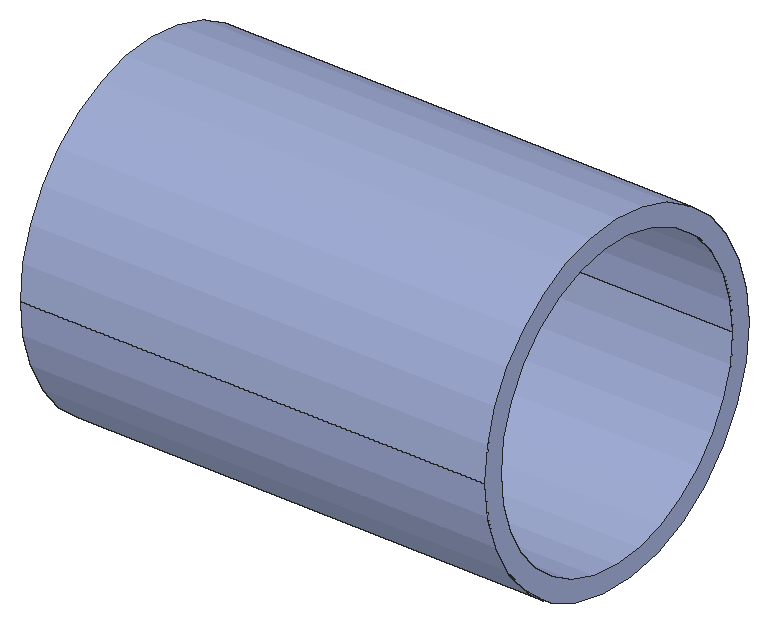
Revit family "Quiet_Liner_HVAC_Round_Duct_Horiz", category Mechanical Equipment, Revit 2026
Family settings
  Round Connector Dimension = Use Diameter
  Part Type = Normal
  Classification Number = 23.20.50.27.17
  Cut with Voids When Loaded = No
  Maintain Annotation Orientation = No
  Shared = No
  Room Calculation Point = No
Parameters (values of type "18 Dia.")
  Warranty Duration (Years) = 0
  URL = "http://www.acousticalsurfaces.com/quiet_liner/quiet_liner.htm?d=0"
  Type Comments = "Acoustical Liner Designed for HVAC"
  Test Data = ""
  Specification = ""
  Send Message = ""
  Sales Information = ""
  Revision = ""
  Rad-Material = Rad + Material Thickness  # 1' - 5"
  Rad = HVAC_Diameter / 2  # 1' - 3"
  Product Properties = ""
  Product Data = ""
  Model = "Quiet Liner"
  Material Thickness = 0' - 2"
  Material = Acoustical Surfaces - Quiet Liner
  Manufacturer Website = ""
  Manufacturer Phone - Toll Free = ""
  Manufacturer Phone = ""
  Manufacturer Fax = ""
  Manufacturer Address = ""
  Manufacturer = "Acoustical Surfaces Inc."
  Maintenance Schedule (Months) = 0
  built-in parameter 1001306 [instance] = 4' - 0"
  Keynote = "09800"
  Installation-Fabrication = ""
  Installation Phase = ""
  HVAC_Diameter = 2' - 6"
  Green Building-LEED = ""
  Expected Lifespan (Years) = 0
  Drawn By = ""
  Description = "Quiet Natural Fiber Liner is used primarily as an acoustical liner designed for HVAC sheet metal ducts to absorb unwanted noise from multiple sources. Quiet Liner also reduces heat gain or loss. Quiet Natural Fiber Liner contains no harmful irritants and is safe to handle and install."
  Default Elevation = 0' - 0"
  Copyright = ""
  Construction Details = ""
  Assembly Code = "F1030100"
Types (3): name
  30 Dia.
  24 Dia.
  18 Dia.
Reference planes (in)
  plane 1 "Center (Front/Back)": y = 0
  plane 2: z = 0
  plane 3 "Left": x = 0
  plane 4 "Right": x = 48
Forms (in)
  Extrusion 1, solid, material "Acoustical Surfaces - Quiet Liner" <- "Material"
    sketch origin (0, 0, 0) x (0, 1, 0) y (0, 0, 1)
      loop
        circle (0, 0) r 15
      loop
        circle (0, 0) r 17
    from 0 to 48
Lines and regions (in)
  Masking region 1
    outline origin (0, 0, 0) x (0, 1, 0) y (0, 0, 1)
      loop
        circle (0, 0) r 15
  Masking region 2
    outline origin (48, 23, 48) x (0, 1, 0) y (0, 0, 1)
      loop
        circle (-23, -48) r 15
  reference lines
    curve 1: line (0, 0, 0) -> (48, 0, 0)
  symbolic lines, style "DUCT"
    curve 2: line (0, 15, 0) -> (48, 15, 0)
    curve 3: line (48, 15, 0) -> (48, -15, 0)
    curve 4: line (48, -15, 0) -> (0, -15, 0)
    curve 5: line (0, -15, 0) -> (0, 15, 0)
Dimensions and locks (in)
  "built-in parameter 1001306": plane 3 "Left" to plane 4 "Right"
  equal spacing: curve 4, plane 1 "Center (Front/Back)", curve 2
  "HVAC_Diameter": curve 4 to curve 2
  "Rad": radius of Extrusion 1 sketch curve
  "Rad-Material": radius of Extrusion 1 sketch curve
  "Rad": radius of Masking region 1 sketch curve
  "Rad": radius of Masking region 2 sketch curve
  aligned and locked: plane 4 "Right" to curve 1
  aligned and locked: plane 1 "Center (Front/Back)" to curve 1
  aligned and locked: plane 3 "Left" to curve 1
  aligned and locked: Extrusion 1 to curve 1
Automatic sketch dimensions
  Extrusion 1 sketch curve to level = 0' - 0"
  Extrusion 1 sketch curve to plane 1 "Center (Front/Back)" = 0' - 0"
  Extrusion 1 sketch curve to Extrusion 1 sketch curve = 0' - 0"  (x2)
  curve 2 to plane 3 "Left" = 0' - 0"
  curve 4 to plane 4 "Right" = 0' - 0"
  Masking region 1 sketch curve to level = 0' - 0"
  Masking region 1 sketch curve to plane 1 "Center (Front/Back)" = 0' - 0"
  Masking region 2 sketch curve to level = 0' - 0"
  Masking region 2 sketch curve to plane 1 "Center (Front/Back)" = 0' - 0"
